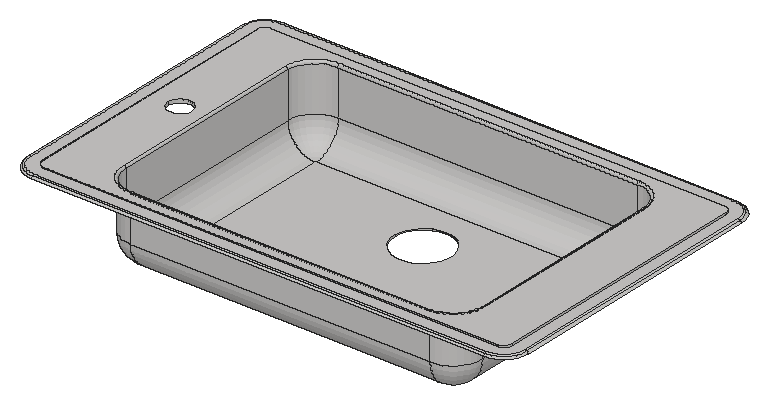
Revit family "Sink-Topmount-Acorn-CDADA-3120-45,55_Series", category Plumbing Fixtures, host Face, Revit 2019
Family settings
  Host = Face
  Round Connector Dimension = Use Diameter
  Part Type = Normal
  OmniClass Number = 23.45.05.14.14
  OmniClass Title = Sinks/Lavatories
  Cut with Voids When Loaded = No
  Shared = Yes
  Room Calculation Point = No
Parameters (values of type "CDADA-3120-45-1")
  Width = 31"  # constant formula
  Waste Connection = no
  WFU = 4  # constant formula
  Vent Connection = no
  URL = "https://www.acorneng.com/home"
  Type Comments = ""
  Slotted Hole Right Depth = 1"
  Slotted Hole Left Depth = 1"
  Bottom Faucet Hole Distance = 4"
  Right Bottom Faucet Hole Depth = 1"
  Product Page URL = ""
  Product Documentation Link = ""
  Model = "CDADA-3120-45-1"
  Material = "Stainless Steel-Acorn-Satin"  # constant formula
  Manufacturer = "Acorn"
  Length = 19 1/2"  # constant formula
  Top Faucet Hole Distance = 4"
  Right Top Faucet Hole Depth = 1"
  Left Top Faucet Hole Depth = 1"
  Left Central Faucet Hole Depth = 2"
  Left Bottom Faucet Hole Depth = 1"
  Installation Type = "Wall Mounted"
  Height = 4 1/2"
  HWFU = 3  # constant formula
  HW Connection = no
  Finish = Stainless Steel-Acorn-Satin
  Drain Opening Size = 3 1/2"  # constant formula
  Description = "Stainless Steel Drop In Sink"
  Default Elevation = 34"
  Creation Date = "23/12/2023"  # constant formula
  Compliance Certifications = "ASME A112.19.3/CSA B45.4, IAPMO® Certified"
  Right Central Faucet Hole Depth = 1"
  CWFU = 3  # constant formula
  CW Connection = no
  Bowl Width = 22"  # constant formula
  Bowl Length = 16"  # constant formula
  Assembly Code = "D2010440"
  ADA Compliant = yes
  -4DR 3 Holes on 4 Centers w/ Slotted Hole Right = no
  -4DL 3 Holes on 4 Centers w/ Slotted Hole Left = no
  -2DR Single Hole Centered w/ Slotted Hole Right = no
  -2DL Single Hole Centered w/ Slotted Hole Left = no
  -1 Single Hole Centered = yes
  -0 Blank, No Deck Punching = no
Types (13): name | Slotted Hole Right Depth | Slotted Hole Left Depth | Right Bottom Faucet Hole Depth | Model | Right Top Faucet Hole Depth | Left Top Faucet Hole Depth | Left Central Faucet Hole Depth | Left Bottom Faucet Hole Depth | Height | Right Central Faucet Hole Depth | -4DR 3 Holes on 4 Centers w/ Slotted Hole Right | -4DL 3 Holes on 4 Centers w/ Slotted Hole Left | -2DR Single Hole Centered w/ Slotted Hole Right | -2DL Single Hole Centered w/ Slotted Hole Left | -1 Single Hole Centered | -0 Blank, No Deck Punching
  (no name) | 1" | 1" | 1" | "CDADA-3120-45-1" | 1" | 1" | 2" | 1" | 4 1/2" | 1" | no | no | no | no | yes | no
  CDADA-3120-55-0 | 1" | 1" | 1" | "CDADA-3120-55-0" | 1" | 1" | 1" | 1" | 5 1/2" | 1" | no | no | no | no | no | yes
  CDADA-3120-55-1 | 1" | 1" | 1" | "CDADA-3120-55-1" | 1" | 1" | 1" | 1" | 5 1/2" | 2" | no | no | no | no | yes | no
  CDADA-3120-55-2DL | 1" | 2" | 1" | "CDADA-3120-55-2DL" | 1" | 1" | 1" | 1" | 5 1/2" | 2" | no | no | no | yes | no | no
  CDADA-3120-55-2DR | 2" | 1" | 1" | "CDADA-3120-55-2DR" | 1" | 1" | 2" | 1" | 5 1/2" | 1" | no | no | yes | no | no | no
  CDADA-3120-55-4DL | 1" | 2" | 2" | "CDADA-3120-55-4DL" | 2" | 1" | 1" | 1" | 5 1/2" | 2" | no | yes | no | no | no | no
  CDADA-3120-55-4DR | 2" | 1" | 1" | "CDADA-3120-55-4DR" | 1" | 2" | 2" | 2" | 5 1/2" | 1" | yes | no | no | no | no | no
  CDADA-3120-45-0 | 1" | 1" | 1" | "CDADA-3120-45-0" | 1" | 1" | 1" | 1" | 4 1/2" | 1" | no | no | no | no | no | yes
  CDADA-3120-45-1 | 1" | 1" | 1" | "CDADA-3120-45-1" | 1" | 1" | 2" | 1" | 4 1/2" | 1" | no | no | no | no | yes | no
  CDADA-3120-45-2DL | 1" | 2" | 1" | "CDADA-3120-45-2DL" | 1" | 1" | 1" | 1" | 4 1/2" | 2" | no | no | no | yes | no | no
  CDADA-3120-45-2DR | 2" | 1" | 1" | "CDADA-3120-45-2DR" | 1" | 1" | 2" | 1" | 4 1/2" | 1" | no | no | yes | no | no | no
  CDADA-3120-45-4DL | 1" | 2" | 2" | "CDADA-3120-45-4DL" | 2" | 1" | 1" | 1" | 4 1/2" | 2" | no | yes | no | no | no | no
  CDADA-3120-45-4DR | 2" | 1" | 1" | "CDADA-3120-45-4DR" | 1" | 2" | 2" | 2" | 4 1/2" | 1" | yes | no | no | no | no | no
Reference planes (in)
  plane 1 "Center (Front/Back)": y = 0
  plane 2: z = 0
  plane 3 "Center (Left/Right)": x = 0
  plane 4: z = -4.5
  plane 5: z = 2
  plane 6: z = 1
  plane 7: z = 1
  plane 8: z = 1
  plane 9: x = -15.48772
  plane 10: x = 15.51228
  plane 11: y = -19.5
  plane 12: y = -9.75
  plane 13: x = -10.98772
  plane 14: x = 11.01228
  plane 15: x = 12.63728
  plane 16: y = -5.75
  plane 17: y = -13.75
  plane 18: y = -17.75
  plane 19: y = -1.75
  plane 20: y = -16
  plane 21: z = 1
  plane 22: z = 1
  plane 23: z = 1
  plane 24: z = 1
  plane 25: z = 0
  plane 26: z = 1
  plane 27: z = 1
  plane 28: z = 1
  plane 29: x = -12.61272
  plane 30: x = -12.86272
  plane 31: x = 12.88728
  plane 32: y = -6.75
  plane 33: z = -4.4375
Forms (in)
  Extrusion 1, solid, material "Stainless Steel-Acorn-Satin" <- "Finish"
    sketch origin (-14.31366, 1.04906, -0.59717) x (1, 0, 0) y (0, 1, 0)
      loop
        circle (14.31366, -7.79906) r 1.75
      loop
        arc (23.63836, -4.54906) -> (23.62008, -4.50492) -> (23.57594, -4.48664) r 0.06242
        line (23.57594, -4.48664) -> (5.07594, -4.48664)
        arc (5.07594, -4.48664) -> (5.03181, -4.50492) -> (5.01353, -4.54906) r 0.06242
        line (5.01353, -4.54906) -> (5.01353, -17.02449)
        arc (5.01353, -17.02449) -> (5.03181, -17.06862) -> (5.07594, -17.08691) r 0.06242
        line (5.07594, -17.08691) -> (23.57594, -17.08691)
        arc (23.57594, -17.08691) -> (23.62008, -17.06862) -> (23.63836, -17.02449) r 0.06242
        line (23.63836, -17.02449) -> (23.63836, -4.54906)
    from -3.90283 to -3.84033
  Sweep 2, solid, material "Stainless Steel-Acorn-Satin" <- "Finish"
    path origin (4.26228, 0.25, 0) x (1, 0, 0) y (0, 1, 0)
      loop
        line (-15.25, -3.75) -> (-15.25, -16.22543)
        arc (-15.25, -16.22543) -> (-14.73744, -17.46287) -> (-13.5, -17.97543) r 1.75
        line (-13.5, -17.97543) -> (5, -17.97543)
        arc (5, -17.97543) -> (6.23744, -17.46287) -> (6.75, -16.22543) r 1.75
        line (6.75, -16.22543) -> (6.75, -3.75)
        arc (6.75, -3.75) -> (6.23744, -2.51256) -> (5, -2) r 1.75
        line (5, -2) -> (-13.5, -2)
        arc (-13.5, -2) -> (-14.73744, -2.51256) -> (-15.25, -3.75) r 1.75
    profile origin (-10.98772, -9.73772, 0) x (1, 0, 0) y (0, 0, 1)
      loop
        line (-0.15271, 0.19073) -> (-0.21339, 0.19073) -> (-0.21339, 0.09375) -> (-0.11121, 0.09375)
        arc (-0.11121, 0.09375) -> (-0.07671, 0.07946) -> (-0.06242, 0.04495) r 0.0488
        line (-0.06242, 0.04495) -> (-0.06242, -2.75)
        arc (-0.06242, -2.75) -> (0.45015, -3.98744) -> (1.68758, -4.5) r 1.75
        line (1.68758, -4.5) -> (1.68758, -4.4375)
        arc (1.68758, -4.4375) -> (0.49434, -3.94324) -> (0.00008, -2.75) r 1.6875
        line (0.00008, -2.75) -> (0.00008, 0.03794)
        arc (0.00008, 0.03794) -> (-0.04467, 0.14598) -> (-0.15271, 0.19073) r 0.15279
  Extrusion 3, solid, material "Stainless Steel-Acorn-Satin" <- "Finish"
    sketch origin (4.51228, 0.25, 0) x (1, 0, 0) y (0, 1, 0)
      loop
        arc (-18.5, -1.2407) -> (-18.86013, -1.38987) -> (-19.0093, -1.75) r 0.5093
        line (-19.0093, -1.75) -> (-19.0093, -18.25)
        arc (-19.0093, -18.25) -> (-18.86013, -18.61013) -> (-18.5, -18.7593) r 0.5093
        line (-18.5, -18.7593) -> (9.5, -18.7593)
        arc (9.5, -18.7593) -> (9.86013, -18.61013) -> (10.0093, -18.25) r 0.5093
        line (10.0093, -18.25) -> (10.0093, -1.75)
        arc (10.0093, -1.75) -> (9.86013, -1.38987) -> (9.5, -1.2407) r 0.5093
        line (9.5, -1.2407) -> (-18.5, -1.2407)
      loop
        arc (-13.75, -1.78661) -> (-15.13833, -2.36167) -> (-15.71339, -3.75) r 1.96339
        line (-15.71339, -3.75) -> (-15.71339, -16.22543)
        arc (-15.71339, -16.22543) -> (-15.13833, -17.61376) -> (-13.75, -18.18882) r 1.96339
        line (-13.75, -18.18882) -> (4.75, -18.18882)
        arc (4.75, -18.18882) -> (6.13833, -17.61376) -> (6.71339, -16.22543) r 1.96339
        line (6.71339, -16.22543) -> (6.71339, -3.75)
        arc (6.71339, -3.75) -> (6.13833, -2.36167) -> (4.75, -1.78661) r 1.96339
        line (4.75, -1.78661) -> (-13.75, -1.78661)
    from 0 to 0.19111
  Extrusion 4, void
    sketch origin (0, 0, 0) x (1, 0, 0) y (0, 1, 0)
      loop
        line (-15.48772, -1.5) -> (-15.48772, -17.97543)
        arc (-15.48772, -17.97543) -> (-15.04118, -19.05346) -> (-13.96315, -19.5) r 1.52457
        line (-13.96315, -19.5) -> (13.61272, -19.5)
        arc (13.61272, -19.5) -> (14.95591, -18.94363) -> (15.51228, -17.60043) r 1.89957
        line (15.51228, -17.60043) -> (15.51228, -1.47543)
        arc (15.51228, -1.47543) -> (15.08014, -0.43214) -> (14.03685, 0) r 1.47543
        line (14.03685, 0) -> (-13.98772, 0)
        arc (-13.98772, 0) -> (-15.04838, -0.43934) -> (-15.48772, -1.5) r 1.5
    from -21.11575 to 12
  Sweep 5, solid, material "Stainless Steel-Acorn-Satin" <- "Finish"
    path origin (4.51228, 0, 0) x (1, 0, 0) y (0, 1, 0)
      loop
        arc (-18.52457, 0) -> (-19.56786, -0.43214) -> (-20, -1.47543) r 1.47543
        line (-20, -1.47543) -> (-20, -18)
        arc (-20, -18) -> (-19.56066, -19.06066) -> (-18.5, -19.5) r 1.5
        line (-18.5, -19.5) -> (9.47543, -19.5)
        arc (9.47543, -19.5) -> (10.55346, -19.05346) -> (11, -17.97543) r 1.52457
        line (11, -17.97543) -> (11, -1.5)
        arc (11, -1.5) -> (10.56066, -0.43934) -> (9.5, 0) r 1.5
        line (9.5, 0) -> (-18.52457, 0)
    profile origin (0, 0, 0) x (0, 1, 0) y (0, 0, 1)
      loop
        line (0.00343, 0) -> (-0.1037, 0.08676)
        arc (-0.1037, 0.08676) -> (-0.15899, 0.11772) -> (-0.22144, 0.12845) r 0.18708
        line (-0.22144, 0.12845) -> (-0.9907, 0.12845) -> (-0.9907, 0) -> (0.00343, 0)
  Extrusion 6, void
    sketch origin (4.51228, 0, 0) x (1, 0, 0) y (0, 1, 0)
      loop
        circle (-17.375, -16) r 0.75
    from 1 to 2
  Extrusion 7, void
    sketch origin (4.51228, 0, 0) x (1, 0, 0) y (0, 1, 0)
      loop
        circle (8.125, -5.75) r 0.75
    from 1 to 2
  Extrusion 8, void
    sketch origin (4.51228, -2, 0) x (1, 0, 0) y (0, 1, 0)
      loop
        circle (8.125, -7.75) r 0.75
    from 1 to 2
  Extrusion 9, void
    sketch origin (4.51228, -4, 0) x (1, 0, 0) y (0, 1, 0)
      loop
        circle (8.125, -9.75) r 0.75
    from 1 to 2
  Extrusion 10, void
    sketch origin (-12.48772, 0, 0) x (1, 0, 0) y (0, 1, 0)
      loop
        circle (-0.125, -5.75) r 0.75
    from 1 to 2
  Extrusion 11, void
    sketch origin (-12.48772, -2, 0) x (1, 0, 0) y (0, 1, 0)
      loop
        circle (-0.125, -7.75) r 0.75
    from 0 to 2
  Extrusion 12, void
    sketch origin (-12.48772, -4, 0) x (1, 0, 0) y (0, 1, 0)
      loop
        circle (-0.125, -9.75) r 0.75
    from 1 to 2
  Extrusion 13, void
    sketch origin (4.51228, 0, 0) x (-1, 0, 0) y (0, -1, 0)
      loop
        circle (-8.375, 16) r 0.75
    from 1 to 2
Cuts and joins
  Extrusion 6 cuts Sweep 5
  Extrusion 6, Extrusion 7, Extrusion 10, Extrusion 11, Extrusion 12, Extrusion 13 cuts Extrusion 1
  Extrusion 6, Extrusion 7, Extrusion 8, Extrusion 10, Extrusion 11, Extrusion 12, Extrusion 13 cuts Sweep 2
  Extrusion 6, Extrusion 7, Extrusion 8, Extrusion 9, Extrusion 10, Extrusion 11, Extrusion 12, Extrusion 13 cuts Extrusion 3
  joined: Extrusion 1, Sweep 2, Extrusion 3
Dimensions and locks (in)
  host face to plane 4 = 4 1/2"
  "Right Top Faucet Hole Depth": plane 5 to plane 6
  "Right Bottom Faucet Hole Depth": plane 5 to plane 8
  "Right Central Faucet Hole Depth": plane 5 to plane 7
  "Length": plane 11 to plane 1 "Center (Front/Back)"
  "Width": plane 9 to plane 10
  plane 13 to plane 3 "Center (Left/Right)" = 10.98772"
  "Bowl Width": plane 13 to plane 14
  plane 14 to plane 15 = 1 5/8"
  "Top Faucet Hole Distance": plane 16 to plane 12
  "Bottom Faucet Hole Distance": plane 12 to plane 17
  locked: plane 18 to plane 11 at 1.75
  "Bowl Length": plane 19 to plane 18
  plane 20 to plane 18 = 1 3/4"
  plane 9 to plane 13 = 4 1/2"
  "Right Top Faucet Hole Depth": plane 5 to plane 21
  "Right Central Faucet Hole Depth": plane 5 to plane 22
  "Right Bottom Faucet Hole Depth": plane 5 to plane 23
  "Left Top Faucet Hole Depth": plane 5 to plane 24
  "Left Central Faucet Hole Depth": plane 5 to plane 25
  "Left Bottom Faucet Hole Depth": plane 5 to plane 26
  "Slotted Hole Right Depth": plane 5 to plane 28
  "Slotted Hole Left Depth": plane 5 to plane 27
  plane 29 to plane 13 = 1 5/8"
  plane 30 to plane 13 = 1 7/8"
  plane 14 to plane 31 = 1 7/8"
  plane 19 to plane 32 = 5"
  plane 32 to plane 12 = 3"
  "Height": level to plane 4
  "Height": level to Sweep 2 sketch curve
  locked: Sweep 2 sketch curve to Sweep 2 sketch curve at 0.0625
  locked: plane 33 to plane 4 at 0.0625
  aligned and locked: host face to plane 2
  aligned and locked: host face to level
  aligned and locked: plane 20 to Extrusion 6 sketch curve
  aligned and locked: Sweep 2 sketch curve to plane 19
  aligned and locked: plane 15 to Extrusion 7 sketch curve
  aligned and locked: plane 16 to Extrusion 7 sketch curve
  aligned and locked: plane 5 to Extrusion 7
  aligned and locked: Extrusion 7 to plane 21
  aligned and locked: plane 12 to Extrusion 8 sketch curve
  aligned and locked: plane 15 to Extrusion 8 sketch curve
  aligned and locked: plane 17 to Extrusion 9 sketch curve
  aligned and locked: plane 15 to Extrusion 9 sketch curve
  aligned and locked: plane 22 to Extrusion 8
  aligned and locked: Extrusion 9 to plane 23
  aligned and locked: plane 5 to Extrusion 9
  aligned and locked: plane 5 to Extrusion 8
  aligned and locked: plane 20 to Extrusion 13 sketch curve
  aligned and locked: plane 5 to Extrusion 10
  aligned and locked: plane 5 to Extrusion 11
  aligned and locked: plane 5 to Extrusion 12
  aligned and locked: plane 5 to Extrusion 13
  aligned and locked: plane 5 to Extrusion 6
  aligned and locked: Extrusion 10 to plane 24
  aligned and locked: Extrusion 11 to plane 25
  aligned and locked: Extrusion 12 to plane 26
  aligned and locked: Extrusion 6 to plane 27
  aligned and locked: Extrusion 13 to plane 28
  aligned and locked: plane 16 to Extrusion 10 sketch curve
  aligned and locked: plane 12 to Extrusion 11 sketch curve
  aligned and locked: plane 17 to Extrusion 12 sketch curve
  aligned and locked: plane 3 "Center (Left/Right)" to Extrusion 1 sketch curve
  aligned and locked: plane 32 to Extrusion 1 sketch curve
  aligned and locked: plane 29 to Extrusion 10 sketch curve
  aligned and locked: plane 29 to Extrusion 11 sketch curve
  aligned and locked: plane 29 to Extrusion 12 sketch curve
  aligned and locked: plane 30 to Extrusion 6 sketch curve
  aligned and locked: plane 31 to Extrusion 13 sketch curve
  aligned and locked: Extrusion 3 sketch curve to cut or joined group of Sweep 5, Extrusion 6  (x2)
  aligned and locked: cut or joined group of Sweep 5, Extrusion 6 to Extrusion 3 sketch curve
  aligned and locked: cut or joined group 1 (Extrusion 1, Sweep 2, Extrusion 3, Extrusion 6, Extrusion 7, Extrusion 8, Extrusion 9, Extrusion 10, Extrusion 11, Extrusion 12, Extrusion 13) to plane 33
  aligned and locked: cut or joined group 1 to plane 4
Automatic sketch dimensions
  host sketch curve to host sketch curve = 161.60125"
  host sketch curve to host sketch curve = 96"
  plane 13 to Extrusion 1 sketch curve = 1 3/4"  (x2)
  plane 20 to Extrusion 1 sketch curve = 0.02457"  (x2)
  Extrusion 1 sketch curve to Extrusion 1 sketch curve = 0.06242"
  plane 14 to Extrusion 1 sketch curve = 1 3/4"  (x2)
  Extrusion 1 sketch curve to plane 19 = 1 3/4"
  Sweep 2 sketch curve to plane 13 = 0"
  Sweep 2 sketch curve to plane 14 = 0"
  plane 20 to Sweep 2 sketch curve = 0.02457"
  Sweep 2 sketch curve to Sweep 2 sketch curve = 1 3/4"
  plane 13 to Sweep 2 sketch curve = 1 3/4"
  plane 14 to Sweep 2 sketch curve = 1 3/4"  (x2)
  Sweep 2 sketch curve to Sweep 2 sketch curve = 0"
  profile plane to Sweep 2 sketch curve = 0.21339"
  Sweep 2 sketch curve to Sweep 2 sketch curve = 0.06068"
  Sweep 2 sketch curve to Sweep 2 sketch curve = 0.0415"
  Sweep 2 sketch curve to profile plane = 0.00008"
  Sweep 2 sketch curve to Sweep 2 sketch curve = 1 11/16"
  profile plane to Sweep 2 sketch curve = 0.03794"
  Sweep 2 sketch curve to Sweep 2 sketch curve = 0.00701"
  plane 19 to Extrusion 3 sketch curve = 1/4"  (x2)
  plane 9 to Extrusion 3 sketch curve = 0.9907"
  Extrusion 3 sketch curve to plane 18 = 1/4"  (x2)
  Extrusion 3 sketch curve to plane 13 = 0.21339"
  plane 20 to Extrusion 3 sketch curve = 0.02457"  (x2)
  plane 13 to Extrusion 3 sketch curve = 1 3/4"  (x2)
  plane 19 to Extrusion 3 sketch curve = 0.21339"
  plane 14 to Extrusion 3 sketch curve = 1 3/4"  (x2)
  Extrusion 4 sketch curve to plane 9 = 0"
  plane 1 "Center (Front/Back)" to Extrusion 4 sketch curve = 0"
  Extrusion 4 sketch curve to plane 11 = 0"
  Extrusion 4 sketch curve to plane 10 = 0"
  Extrusion 4 sketch curve to plane 18 = 0.22543"
  plane 15 to Extrusion 4 sketch curve = 0.97543"
  plane 19 to Extrusion 4 sketch curve = 0.27457"
  Sweep 5 sketch curve to plane 9 = 0"
  plane 1 "Center (Front/Back)" to Sweep 5 sketch curve = 0"
  Sweep 5 sketch curve to plane 11 = 0"
  Sweep 5 sketch curve to plane 10 = 0"
  plane 19 to Sweep 5 sketch curve = 0.27457"
  Sweep 5 sketch curve to plane 18 = 0.22543"
  plane 19 to Sweep 5 sketch curve = 1/4"
  Sweep 5 sketch curve to level = 0"
  profile plane to Sweep 5 sketch curve = 0.9907"
  level to Sweep 5 sketch curve = 0.12845"
  profile plane to Sweep 5 sketch curve = 0.22144"
  level to Sweep 5 sketch curve = 0.08676"
  profile plane to Sweep 5 sketch curve = 0.1037"
  Sweep 5 sketch curve to profile plane = 0.00343"
  plane 9 to Extrusion 4 sketch curve = 1 1/2"
  plane 9 to Sweep 5 sketch curve = 1 1/2"
  radius of Extrusion 1 sketch curve = 1 3/4"
  radius of Extrusion 6 sketch curve = 3/4"
  radius of Extrusion 7 sketch curve = 3/4"
  radius of Extrusion 8 sketch curve = 3/4"
  radius of Extrusion 9 sketch curve = 3/4"
  radius of Extrusion 10 sketch curve = 3/4"
  radius of Extrusion 11 sketch curve = 3/4"
  radius of Extrusion 12 sketch curve = 3/4"
  radius of Extrusion 13 sketch curve = 3/4"
